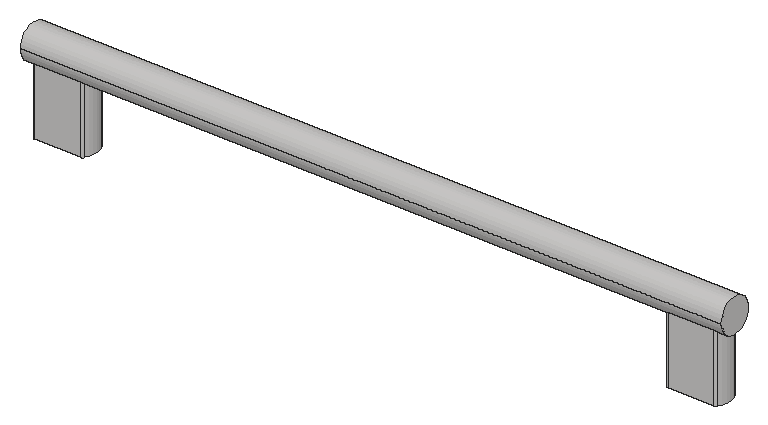
Revit family "Opal Support Rail 600 STR", category Plumbing Fixtures, host Face, Revit 2016
Family settings
  Host = Face
  Part Type = Normal
  Round Connector Dimension = Use Radius
  OmniClass Number = 23.40.20.21.47
  OmniClass Title = Bath Grab Bars
  Cut with Voids When Loaded = No
  Shared = No
  Room Calculation Point = No
Parameters (values of type "OPAL SUPPORT RAIL 600 STR")
  Waste Connection = no
  Vent Connection = no
  URL = "https://www.caroma.com.au/"
  Rail_Width = 600 mm
  Rail_Height = 75 mm
  Model = "687377C"
  Material_Base = GWA_Metal-Stainless
  Manufacturer = "GWA Bathrooms & Kitchens"  # constant formula
  HW Connection = no
  Description = "Opal Support Rail 600 STR"
  Default Elevation = 0 mm
  CreatedBy_ANZRS = "GWA Bathrooms & Kitchens"  # constant formula
  CW Connection = no
  Assembly Code = "C1030200"
Types (4, lengths in mm): name | Rail_Width | Model | Description
  (no name) | 600 | "687377C" | "Opal Support Rail 600 STR"
  OPAL SUPPORT RAIL 300 STR | 300 | "687375C" | "Opal Support Rail 300 STR"
  OPAL SUPPORT RAIL 450 STR | 450 | "687376C" | "Opal Support Rail 450 STR"
  OPAL SUPPORT RAIL 600 STR | 600 | "687377C" | "Opal Support Rail 600 STR"
Reference planes
  plane 1 "Center (Front/Back)": y = 0
  plane 2: z = 0
  plane 3 "Center (Left/Right)": x = 0
  plane 4 "Left": x = -300
  plane 5 "Right": x = 300
  plane 6 "Rail_Centre": z = 75
Forms (mm)
  Extrusion 1, solid, material "GWA_Metal-Stainless" <- "Material_Base"
    sketch origin (0, 0, 0) x (1, 0, 0) y (0, 1, 0)
      loop
        line (-278.278, 11.5) -> (-321.722, 11.5)
        arc (-321.722, 11.5) -> (-323.222, 11.098) -> (-324.321, 10) r 3
        arc (-324.321, 10) -> (-327, 0) -> (-324.321, -10) r 20
        arc (-324.321, -10) -> (-323.222, -11.098) -> (-321.722, -11.5) r 3
        line (-321.722, -11.5) -> (-278.278, -11.5)
        arc (-278.278, -11.5) -> (-276.778, -11.098) -> (-275.679, -10) r 3
        arc (-275.679, -10) -> (-273, 0) -> (-275.679, 10) r 20
        arc (-275.679, 10) -> (-276.778, 11.098) -> (-278.278, 11.5) r 3
    from 0 to 75
  Extrusion 2, solid, material "GWA_Metal-Stainless" <- "Material_Base"
    sketch origin (0, 0, 0) x (1, 0, 0) y (0, 1, 0)
      loop
        line (321.722, 11.5) -> (278.278, 11.5)
        arc (278.278, 11.5) -> (276.778, 11.098) -> (275.679, 10) r 3
        arc (275.679, 10) -> (273, 0) -> (275.679, -10) r 20
        arc (275.679, -10) -> (276.778, -11.098) -> (278.278, -11.5) r 3
        line (278.278, -11.5) -> (321.722, -11.5)
        arc (321.722, -11.5) -> (323.222, -11.098) -> (324.321, -10) r 3
        arc (324.321, -10) -> (327, 0) -> (324.321, 10) r 20
        arc (324.321, 10) -> (323.222, 11.098) -> (321.722, 11.5) r 3
    from 0 to 75
  Extrusion 3, void
    sketch origin (-300, 0, 0) x (0, 1, 0) y (0, 0, 1)
      loop
        circle (0, 75) r 16
    from -30 to 30
  Extrusion 4, void
    sketch origin (300, 50, 0) x (0, 1, 0) y (0, 0, 1)
      loop
        circle (-50, 75) r 16
    from -30 to 30
  Extrusion 5, solid, material "GWA_Metal-Stainless" <- "Material_Base"
    sketch origin (0, 0, 0) x (0, 1, 0) y (0, 0, 1)
      loop
        circle (0, 75) r 16
    from -332 to 331.99
Cuts and joins
  Extrusion 3, Extrusion 4 cuts Extrusion 1
  Extrusion 4 cuts Extrusion 2
Lines and regions (mm)
  Masking region 1
    outline origin (0, 0, 40) x (-1, 0, 0) y (0, -1, 0)
      loop
        line (332, -16) -> (332, 16) -> (-331.99, 16) -> (-331.99, -16) -> (332, -16)
  Masking region 2
    outline origin (0, 0, 0) x (1, 0, 0) y (0, 0, 1)
      loop
        line (-332, 91) -> (-332, 59) -> (-327, 59) -> (-327, 0) -> (-273, 0) -> (-273, 59) -> (273, 59) -> (273, 0) -> (327, 0) -> (327, 59) -> (331.99, 59) -> (331.99, 91) -> (-332, 91)
  Masking region 3
    outline origin (0, 0, 0) x (0, 1, 0) y (0, 0, 1)
      loop
        line (-11.5, 0) -> (11.5, 0) -> (11.5, 63.876)
        arc (11.5, 63.876) -> (0, 91) -> (-11.5, 63.876) r 16
        line (-11.5, 63.876) -> (-11.5, 0)
  symbolic lines
    curve 1: line (-332, 16, 40) -> (331.99, 16, 40)
    curve 2: line (-332, -16, 40) -> (-332, 16, 40)
    curve 3: line (331.99, -16, 40) -> (-332, -16, 40)
    curve 4: line (331.99, 16, 40) -> (331.99, -16, 40)
    curve 5: line (278.226, 0, 63.876) -> (321.774, 0, 63.876)
    curve 6: line (273, 0, 0) -> (273, 0, 59)
    curve 7: line (273, 0, 0) -> (327, 0, 0)
    curve 8: line (327, 0, 0) -> (327, 0, 59)
    curve 9: line (-327, 0, 0) -> (-327, 0, 59)
    curve 10: line (-327, 0, 0) -> (-273, 0, 0)
    curve 11: line (-273, 0, 0) -> (-273, 0, 59)
    curve 12: line (331.99, 0, 59) -> (327, 0, 59)
    curve 13: line (-332, 0, 59) -> (-332, 0, 91)
    curve 14: line (-332, 0, 91) -> (331.99, 0, 91)
    curve 15: line (331.99, 0, 91) -> (331.99, 0, 59)
    curve 16: line (273, 0, 59) -> (-273, 0, 59)
    curve 17: line (-327, 0, 59) -> (-332, 0, 59)
    curve 18: line (327, 0, 59) -> (324.152, 0, 62.704)
    curve 19: arc (321.774, 0, 63.876) -> (323.099, 0, 63.567) -> (324.152, 0, 62.704) r 3
    curve 20: line (273, 0, 59) -> (275.848, 0, 62.704)
    curve 21: arc (278.226, 0, 63.876) -> (276.901, 0, 63.567) -> (275.848, 0, 62.704) r 3
    curve 22: line (-278.226, 0, 63.876) -> (-321.774, 0, 63.876)
    curve 23: line (-327, 0, 59) -> (-324.152, 0, 62.704)
    curve 24: arc (-321.774, 0, 63.876) -> (-323.099, 0, 63.567) -> (-324.152, 0, 62.704) r 3
    curve 25: line (-273, 0, 59) -> (-275.848, 0, 62.704)
    curve 26: arc (-278.226, 0, 63.876) -> (-276.901, 0, 63.567) -> (-275.848, 0, 62.704) r 3
    curve 27: line (0, -11.5, 0) -> (0, -11.5, 63.876)
    curve 28: line (0, 11.5, 0) -> (0, 11.5, 63.876)
    curve 29: circle (0, 0, 75) r 16 normal (1, 0, 0)
    curve 30: line (0, -11.5, 0) -> (0, 11.5, 0)
Dimensions and locks
  "Rail_Width": plane 4 "Left" to plane 5 "Right"
  equal spacing: plane 4 "Left", plane 3 "Center (Left/Right)", plane 5 "Right"
  "Rail_Height": plane 6 "Rail_Centre" to host face
  locked: plane 5 "Right" to Extrusion 5 at 31.99
  locked: Extrusion 5 to plane 4 "Left" at 32
  aligned and locked: plane 2 to host face
  aligned and locked: level to host face
  aligned and locked: Masking region 1 sketch curve to curve 1
  aligned and locked: Masking region 1 sketch curve to Extrusion 5  (x2)
  aligned and locked: Masking region 1 sketch curve to curve 3
Automatic sketch dimensions
  host sketch curve to host sketch curve = 2438.4 mm  (x2)
  Extrusion 3 sketch curve to plane 1 "Center (Front/Back)" = 0 mm
  Extrusion 3 sketch curve to plane 6 "Rail_Centre" = 0 mm
  Extrusion 4 sketch curve to plane 6 "Rail_Centre" = 0 mm
  plane 1 "Center (Front/Back)" to Extrusion 4 sketch curve = 0 mm
  Extrusion 5 sketch curve to plane 1 "Center (Front/Back)" = 0 mm
  Extrusion 5 sketch curve to plane 6 "Rail_Centre" = 0 mm
  curve 10 to level = 0 mm
  curve 7 to level = 0 mm
  curve 13 to plane 4 "Left" = 32 mm
  curve 13 to curve 23 = 5 mm
  curve 23 to plane 6 "Rail_Centre" = 12.296 mm
  curve 23 to curve 23 = 2.848 mm
  curve 23 to curve 22 = 2.378 mm
  plane 4 "Left" to curve 26 = 21.774 mm
  curve 25 to plane 6 "Rail_Centre" = 12.296 mm
  curve 26 to curve 25 = 2.378 mm
  plane 4 "Left" to curve 10 = 27 mm
  curve 7 to plane 5 "Right" = 27 mm
  curve 6 to curve 20 = 2.848 mm
  curve 20 to curve 21 = 2.378 mm
  curve 19 to plane 6 "Rail_Centre" = 14.124 mm
  plane 5 "Right" to curve 19 = 21.774 mm
  curve 5 to curve 18 = 2.378 mm
  plane 5 "Right" to curve 8 = 27 mm
  curve 19 to curve 15 = 10.216 mm
  curve 9 to curve 24 = 3.704 mm
  curve 6 to plane 6 "Rail_Centre" = 16 mm
  curve 8 to curve 19 = 1.876 mm
  curve 24 to curve 23 = 1.829 mm
  curve 6 to curve 21 = 1.876 mm
  curve 19 to curve 18 = 1.829 mm
  plane 6 "Rail_Centre" to curve 14 = 16 mm
  plane 5 "Right" to curve 1 = 31.99 mm
  plane 1 "Center (Front/Back)" to curve 3 = 16 mm
  curve 3 to plane 4 "Left" = 32 mm
  curve 1 to plane 1 "Center (Front/Back)" = 16 mm
  plane 1 "Center (Front/Back)" to Extrusion 1 sketch curve = 0 mm  (x2)
  Extrusion 1 sketch curve to plane 1 "Center (Front/Back)" = 8.5 mm
  Extrusion 1 sketch curve to plane 4 "Left" = 21.722 mm
  plane 1 "Center (Front/Back)" to Extrusion 1 sketch curve = 8.5 mm  (x2)
  Extrusion 1 sketch curve to Extrusion 1 sketch curve = 0 mm  (x3)
  Extrusion 1 sketch curve to plane 4 "Left" = 7 mm
  plane 4 "Left" to Extrusion 1 sketch curve = 7 mm
  Extrusion 1 sketch curve to Extrusion 1 sketch curve = 14.722 mm  (x2)
  Extrusion 1 sketch curve to plane 1 "Center (Front/Back)" = 11.5 mm
  Extrusion 1 sketch curve to Extrusion 1 sketch curve = 3 mm  (x2)
  plane 1 "Center (Front/Back)" to Extrusion 2 sketch curve = 0 mm  (x2)
  Extrusion 2 sketch curve to plane 1 "Center (Front/Back)" = 8.5 mm
  Extrusion 2 sketch curve to plane 5 "Right" = 21.722 mm
  plane 1 "Center (Front/Back)" to Extrusion 2 sketch curve = 8.5 mm  (x2)
  Extrusion 2 sketch curve to Extrusion 2 sketch curve = 0 mm  (x3)
  Extrusion 2 sketch curve to plane 5 "Right" = 7 mm
  plane 5 "Right" to Extrusion 2 sketch curve = 7 mm
  Extrusion 2 sketch curve to Extrusion 2 sketch curve = 14.722 mm  (x2)
  Extrusion 2 sketch curve to plane 1 "Center (Front/Back)" = 11.5 mm
  Extrusion 2 sketch curve to Extrusion 2 sketch curve = 3 mm  (x2)
  Masking region 2 sketch curve to level = 0 mm  (x2)
  Masking region 2 sketch curve to plane 4 "Left" = 32 mm
  Masking region 2 sketch curve to Masking region 2 sketch curve = 5 mm
  plane 4 "Left" to Masking region 2 sketch curve = 27 mm
  Masking region 2 sketch curve to plane 5 "Right" = 27 mm
  plane 5 "Right" to Masking region 2 sketch curve = 27 mm
  plane 5 "Right" to Masking region 2 sketch curve = 31.99 mm
  Masking region 2 sketch curve to plane 6 "Rail_Centre" = 16 mm  (x3)
  plane 6 "Rail_Centre" to Masking region 2 sketch curve = 16 mm
  Masking region 3 sketch curve to plane 6 "Rail_Centre" = 11.124 mm  (x2)
  Masking region 3 sketch curve to level = 0 mm
  Masking region 3 sketch curve to plane 1 "Center (Front/Back)" = 0 mm
  Masking region 3 sketch curve to plane 1 "Center (Front/Back)" = 11.5 mm
  Masking region 3 sketch curve to plane 6 "Rail_Centre" = 0 mm
  curve 27 to level = 0 mm
  curve 29 to plane 1 "Center (Front/Back)" = 0 mm
  curve 29 to plane 6 "Rail_Centre" = 0 mm
  plane 1 "Center (Front/Back)" to curve 27 = 11.5 mm
  curve 28 to plane 1 "Center (Front/Back)" = 11.5 mm
  curve 28 to plane 6 "Rail_Centre" = 11.124 mm
  radius of Extrusion 3 sketch curve = 16 mm
  radius of Extrusion 4 sketch curve = 16 mm
  radius of Extrusion 5 sketch curve = 16 mm
